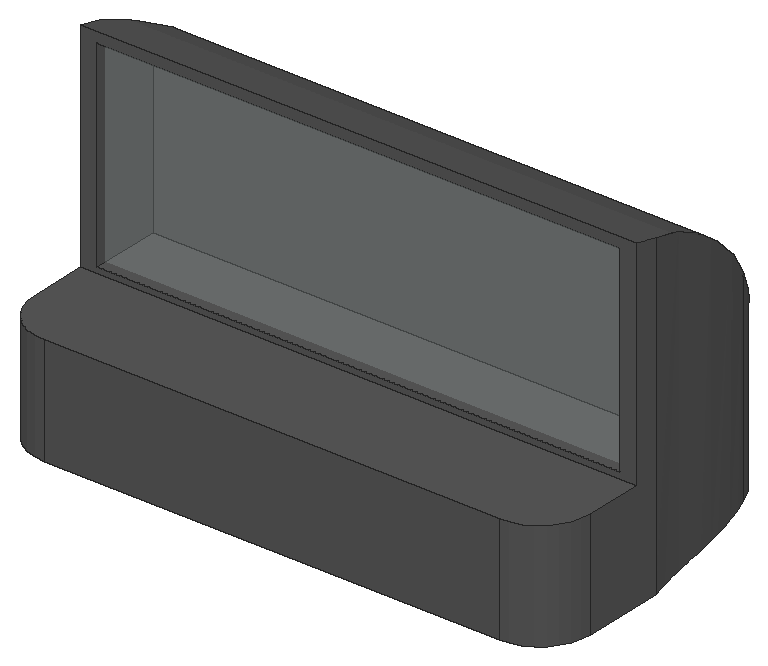
Revit family "LNC", category Lighting Fixtures, host Face, Revit 2021
Family settings
  Host = Face
  Round Connector Dimension = Use Diameter
  Part Type = Normal
  OmniClass Number = 23.80.70.11
  OmniClass Title = Luminaries for Internal Lighting
  Cut with Voids When Loaded = No
  Light Source = No
  Shared = No
  Room Calculation Point = No
Parameters (values of type "Black")
  Voltage = 120 V
  Wattage Comments = "12-22 W"
  URL = "https://www.currentlighting.com/exo"
  Product Page URL = ""
  Product Documentation Link = ""
  Photometric Web = Web LNC : LNC-5LU-3K-2, 5 LED, 3000K, TYPE 2
  Model = "LNC"  # constant formula
  Manufacturer = "EXO"  # constant formula
  Lamp = "LED Lamp"
  Glass = White Glass
  Description = "Typical mounting height is up to 12 feet with 40ft fixture spacing (without acrylic diffuser) and 30ft spacing with acrylic diffuser installed."  # constant formula
  Default Elevation = 48.00"
  Backbox = Metal - Black
  Apparent Load = 0 VA
Types (6): name | Photometric Web | Backbox
  (no name) | Web LNC : LNC-5LU-3K-2, 5 LED, 3000K, TYPE 2 | Metal - Black
  Bronze | Web LNC : LNC-7LU-5K-4, 7 LED, 5000K, TYPE 4 | Metal  - Bronze
  Black | Web LNC : LNC-5LU-3K-2, 5 LED, 3000K, TYPE 2 | Metal - Black
  Grey | Web LNC : LNC-5LU-3K-2, 5 LED, 3000K, TYPE 2 | Metal - Grey
  Platinum | Web LNC : LNC-5LU-3K-2, 5 LED, 3000K, TYPE 2 | Metal  - Platinum
  White | Web LNC : LNC-5LU-3K-2, 5 LED, 3000K, TYPE 2 | Metal  - White
Reference planes (in)
  plane 1 "Center (Front/Back)": y = 0.03999
  plane 2: z = 0
  plane 3 "Center (Left/Right)": x = 1.66944
  plane 4: z = 4.81
  plane 5: y = 2.66499
  plane 6: y = -2.58501
  plane 7: x = -2.44056
  plane 8: x = 5.77944
  plane 9: z = 0.25
  plane 10: z = 1.60156
  plane 11: y = -0.63501
  plane 12: x = -2.19056
  plane 13: x = 5.52944
  plane 14: z = 1.70156
  plane 15: y = -0.98501
  plane 16: z = 4.66
  plane 17: y = -0.73501
  plane 18: y = 2.51585
  plane 19: y = -0.73501
  plane 20: y = -0.83884
  plane 21: z = 5.06
  plane 22: y = 3.66499
  plane 23: x = -3.44056
  plane 24: x = 6.77944
  plane 25: x = 6.77944
  plane 26: z = 2.91
Forms (in)
  Extrusion 1, solid, material "Metal - Black" <- "Backbox"
    sketch origin (0, 0, 0) x (1, 0, 0) y (0, 1, 0)
      loop
        line (-2.44056, -0.98501) -> (-2.44056, -1.83501)
        arc (-2.44056, -1.83501) -> (-2.22089, -2.36534) -> (-1.69056, -2.58501) r 0.75
        line (-1.69056, -2.58501) -> (5.02944, -2.58501)
        arc (5.02944, -2.58501) -> (5.55977, -2.36534) -> (5.77944, -1.83501) r 0.75
        line (5.77944, -1.83501) -> (5.77944, -0.98501) -> (-2.44056, -0.98501)
    from 0 to 1.60156
  Extrusion 2, solid, material "White Glass" <- "Glass"
    sketch origin (10.23374, -0.63501, 48) x (1, 0, 0) y (0, 0, 1)
      loop
        line (-12.4243, -43.34) -> (-12.4243, -46.39844) -> (-4.7043, -46.39844) -> (-4.7043, -43.34) -> (-12.4243, -43.34)
    from 0.20383 to 0.1
  Extrusion 3, solid, material "Metal - Black" <- "Backbox"
    sketch origin (1.66944, 0, 0) x (0, 1, 0) y (0, 0, 1)
      loop
        arc (2.51585, 0) -> (1.68248, 3.07246) -> (-0.98501, 4.81) r 4.46752
        line (-0.98501, 4.81) -> (-0.98501, 0) -> (2.51585, 0)
    from -4.11 to 4.11
  Extrusion 4, void
    sketch origin (1.66944, 0, 0) x (0, 1, 0) y (0, 0, 1)
      loop
        line (0.03999, 1.70156) -> (0.03999, 4.08219)
        arc (0.03999, 4.08219) -> (-0.20855, 4.47049) -> (-0.62882, 4.66) r 0.8091
        line (-0.62882, 4.66) -> (-0.98501, 4.66) -> (-0.98501, 1.70156) -> (0.03999, 1.70156)
    from -3.86 to 3.86
  Extrusion 5, void
    sketch origin (0, 0, 0) x (1, 0, 0) y (0, 1, 0)
      loop
        line (6.77944, -0.63501) -> (6.77944, 0.91499)
        arc (6.77944, 0.91499) -> (5.97399, 2.85953) -> (4.02944, 3.66499) r 2.75
        line (4.02944, 3.66499) -> (-0.69056, 3.66499)
        arc (-0.69056, 3.66499) -> (-2.6351, 2.85953) -> (-3.44056, 0.91499) r 2.75
        line (-3.44056, 0.91499) -> (-3.44056, -0.63501) -> (-2.43184, -0.63501)
        spline (-2.43184, -0.63501) -> (-2.36694, -0.37515) -> (-2.32337, -0.19462) -> (-2.29228, -0.05222) -> (-2.26522, 0.09043) -> (-2.23732, 0.24838) -> (-2.20549, 0.42507) -> (-2.16663, 0.62388) -> (-2.11768, 0.8481) -> (-2.05776, 1.09217) -> (-1.99027, 1.33315) -> (-1.91911, 1.54606) -> (-1.84818, 1.70592)
        arc (-1.84818, 1.70592) -> (-1.39697, 2.29326) -> (-0.69056, 2.51585) r 1.23226
        line (-0.69056, 2.51585) -> (4.02944, 2.51585)
        arc (4.02944, 2.51585) -> (4.73586, 2.29326) -> (5.18707, 1.70592) r 1.23226
        spline (5.18707, 1.70592) -> (5.258, 1.54606) -> (5.32916, 1.33315) -> (5.39665, 1.09217) -> (5.45657, 0.8481) -> (5.50551, 0.62388) -> (5.54437, 0.42507) -> (5.57621, 0.24838) -> (5.60411, 0.09043) -> (5.63117, -0.05222) -> (5.66226, -0.19462) -> (5.70582, -0.37515) -> (5.77073, -0.63501)
        line (5.77073, -0.63501) -> (6.77944, -0.63501)
    from 0 to 5.06
Cuts and joins
  Extrusion 5 cuts Extrusion 1
  Extrusion 4, Extrusion 5 cuts Extrusion 3
  joined: Extrusion 1, Extrusion 3
Lines and regions (in)
  reference lines
    curve 1: arc (1.66944, 2.51585, 0) -> (1.66944, 1.68248, 3.07246) -> (1.66944, -0.98501, 4.81) r 4.46752
Dimensions and locks (in)
  plane 5 to plane 1 "Center (Front/Back)" to plane 6 = 2.625" locked, 2.625" locked
  plane 7 to plane 3 "Center (Left/Right)" to plane 8 = 4.11", 4.11"
  locked: plane 4 to host face at 4.81
  locked: plane 9 to host face at 0.25
  locked: plane 7 to plane 8 at 8.22
  plane 5 to plane 6 = 5.25"
  locked: plane 10 to host face at 1.60156
  plane 4 to host face = 4.81"
  plane 7 to plane 8 = 8.22"
  locked: plane 13 to plane 8 at 0.25
  plane 7 to plane 3 "Center (Left/Right)" to Extrusion 1 = 4.11" locked, 4.11" locked
  locked: plane 5 to plane 1 "Center (Front/Back)" at 2.625
  locked: plane 15 to Extrusion 1 at 1.6
  locked: plane 21 to plane 4 at 0.25
  locked: cut or joined group of Extrusion 1, Extrusion 3, Extrusion 4, Extrusion 5 to host face at 1.60156
  plane 15 to plane 20 to plane 19 to plane 11 to plane 1 "Center (Front/Back)" = 0.14617" locked, 0.10383" locked, 0.10" locked, 0.675" locked
  locked: plane 4 to plane 16 at 0.15
  locked: plane 14 to host face at 1.70156
  locked: plane 26 to plane 16 at 1.75
  aligned and locked: plane 2 to host face
  aligned and locked: level to host face
  aligned and locked: Extrusion 1 to level
  aligned and locked: Extrusion 1 to plane 7
  aligned and locked: Extrusion 1 to plane 8
  aligned and locked: Extrusion 1 sketch curve to plane 8
  aligned and locked: Extrusion 1 sketch curve to plane 6
  aligned and locked: plane 14 to Extrusion 4
  aligned and locked: Extrusion 1 sketch curve to plane 7
  aligned and locked: plane 15 to Extrusion 3 sketch curve
  aligned and locked: plane 14 to Extrusion 4 sketch curve
  aligned and locked: plane 17 to Extrusion 2
  aligned and locked: Extrusion 3 sketch curve to host face
  aligned and locked: plane 20 to Extrusion 2
  aligned and locked: Extrusion 4 to plane 12
  aligned and locked: Extrusion 4 to plane 13
  aligned and locked: plane 21 to Extrusion 5
  aligned and locked: Extrusion 5 to level
  aligned and locked: Extrusion 1 to plane 10
  aligned and locked: Extrusion 3 to plane 7
  aligned and locked: Extrusion 3 to plane 8
  aligned and locked: Extrusion 1 to Extrusion 3
  aligned and locked: Extrusion 2 to plane 12
  aligned and locked: Extrusion 2 to plane 13
  aligned and locked: Extrusion 2 to plane 16
  aligned and locked: plane 10 to Extrusion 2
  aligned and locked: Extrusion 2 to cut or joined group of Extrusion 1, Extrusion 3, Extrusion 4, Extrusion 5
  aligned and locked: plane 14 to cut or joined group of Extrusion 1, Extrusion 3, Extrusion 4, Extrusion 5
  aligned and locked: curve 1 to cut or joined group of Extrusion 1, Extrusion 3, Extrusion 4, Extrusion 5
  aligned and locked: plane 22 to Extrusion 5 sketch curve
  aligned and locked: plane 23 to Extrusion 5 sketch curve
  aligned and locked: plane 25 to Extrusion 5 sketch curve
  aligned and locked: Extrusion 5 sketch curve to plane 11  (x2)
  aligned and locked: plane 18 to Extrusion 5 sketch curve
  aligned and locked: plane 26 to nested 1
  aligned and locked: plane 3 "Center (Left/Right)" to nested 1
Nested families (in)
  nested 1: "Web LNC" at (1.70943, -0.63501, 3.14896) x (0, 0, 1) z (0, -1, 0), type <- "Photometric Web", type "LNC-5LU-3K-2, 5 LED, 3000K, TYPE 2"
Connectors (in)
  electrical at (1.66944, -0.24471, 0), driven by "Voltage", driven by "Description"
    settings: on cut or joined group of Extrusion 1, Extrusion 3, Extrusion 4, Extrusion 5, index 1, voltage 120 V, apparent load 0 VA, apparent load phase1 0 VA, apparent load phase2 0 VA, apparent load phase3 0 VA, power factor 1, load classification "Other", number of poles 1, system type 30, power factor state 1, is connector primary yes, connector utility no, sub classification motor no, connector description "Typical mounting height is up to 12 feet with 40ft fixture spacing (without acrylic diffuser) and 30ft spacing with acrylic diffuser installed."
Definition of nested family "Web LNC"
  Parameters
    Wattage Comments = ""
    Wattage = 32 W
    built-in parameter 1150110 = 1 (stored number, unit not read)
    URL = ""
    built-in parameter 1114217 = 1 (stored number, unit not read)
    Tilt Angle = -90.00°
    built-in parameter 1150109 = 1 (stored number, unit not read)
    built-in parameter 1150134 = 3
    built-in parameter 1150113 = 1 (stored number, unit not read)
    Product Page URL = ""
    Product Documentation Link = ""
    Photometric Web File = "LNC-9LU-AM-4.ies"
    Model = ""
    Manufacturer Phone = "(864)-678-1000"
    Manufacturer Fax = "(866)-898-1065"
    Manufacturer = "Hubbell Outdoor Lighting"  # constant formula
    built-in parameter 1150105 = 206.9 (stored number, unit not read)
    Lumens = 2600 lm
    built-in parameter 1150115 = 1 (stored number, unit not read)
    built-in parameter 1150137 = (empty or 0)
    built-in parameter 1150139 = (empty or 0)
    built-in parameter 1150112 = 1 (stored number, unit not read)
    built-in parameter 1150114 = 1 (stored number, unit not read)
    Lamp = ""
    built-in parameter 1150132 = (empty or 0)
    built-in parameter 1150102 = (empty or 0)
    built-in parameter 1150107 = 3200 (stored number, unit not read)
    built-in parameter 1150138 = (empty or 0)
    built-in parameter 1150106 = 2.069 (stored number, unit not read)
    Emit from Line Length = 24.00"
    built-in parameter 1150104 = 7.5484 (stored number, unit not read)
    Dimming Lamp Color Temperature Shift = (empty or 0)
    Description = ""
    Default Elevation = 48.00"
    Color Filter = 16777215
    built-in parameter 1114218 = 1 (stored number, unit not read)
    built-in parameter 1150133 = 10 (stored number, unit not read)
  Reference planes (in)
    plane 1 "Center (Front/Back)": y = 0.03999
    plane 2: z = 0
    plane 3 "Center (Left/Right)": x = -0.23896
  Forms (in)
    Extrusion 1, solid
      sketch origin (0, 0, 0.06357) x (1, 0, 0) y (0, 1, 0)
        loop
          line (-48, 48) -> (-48, -48) -> (48, -48) -> (48, 48) -> (-48, 48)
      from -0.06357 to -6.06357
  Lines and regions (in)
    reference lines
      curve 1: line (-0.23896, 0.03999, 18.11448) -> (-0.23896, 0.03999, -22.88552)
      curve 2: line (-0.23896, 0.03999, 34) -> (-0.23896, 0.03999, -22.88552)
      curve 3: line (-0.23896, 29.03999, 0) -> (-0.23896, -29.96001, 0)
      curve 4: line (-37.23896, 0.03999, 0) -> (40.76104, 0.03999, 0)
  Dimensions and locks (in)
    aligned and locked: plane 2 to Extrusion 1
    aligned and locked: level to Extrusion 1
    aligned and locked: Extrusion 1 to imposter light
    aligned and locked: plane 3 "Center (Left/Right)" to imposter light
    aligned and locked: imposter light to plane 1 "Center (Front/Back)"
    aligned and locked: curve 1 to plane 3 "Center (Left/Right)"
    aligned and locked: plane 1 "Center (Front/Back)" to curve 2
    aligned and locked: curve 3 to plane 3 "Center (Left/Right)"
    aligned and locked: plane 1 "Center (Front/Back)" to curve 4
